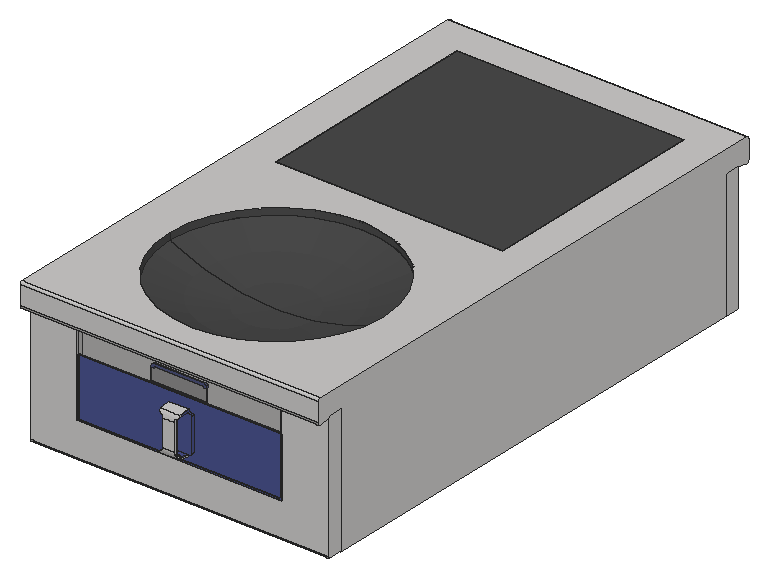
Revit family "QF_ELECTROLUXPROFESSIONAL_589042_MCIKACEOAO", category Specialty Equipment, Revit 2018
Family settings
  Round Connector Dimension = Use Diameter
  Part Type = Normal
  Work Plane-Based = No
  Always vertical = Yes
  Cut with Voids When Loaded = No
  Shared = No
  Room Calculation Point = No
Parameters
  Weight in Pounds = 55.1
  Watts = 10000 VA  # 10000 W
  Volts = 400 V  # constant formula
  URL Cutsheet = ""
  Type Mark [instance] = ""
  Status [instance] = ""
  Specification by User [instance] = ""
  Specification by Manufacturer = ""
  Serial Number = ""
  Seismic Rating = ""
  SMACNA No = ""
  Revision Code [instance] = ""
  Phase = 3  # constant formula
  Omniclass Number and Title = ""
  Number of Poles [instance] = 1
  NAFEM Spec ID Number = ""
  Model = "589042"
  Min Ckt Ampacity = 0 A
  Max Overcurrent Protection = 0 A
  Masterspec = ""
  Manufacturer = "ELECTROLUX"
  Item Number [instance] = ""
  Installed By [instance] = ""
  Identify Quantity as Lot [instance] = yes
  HP = "13.4 HP"
  Furnished By [instance] = ""
  Foodservice Equipment Identifier [instance] = yes
  FL Amps [instance] = if(Phase = 3, Watts / (Volts * 1.73), Watts / Volts)  # 14.4509 A
  Electrical Remarks = "400 V/3N ph/50/60 Hz"  # constant formula
  Electric Connection Type [instance] = ""
  Elec Conn RI Height [instance] = 0 mm
  Elec Conn Connection Height [instance] = 0 mm
  Direct Waste Size = 0"
  Description = "INDUCT.PLATE+WOK,2 ZONE,2-S,500X900X250H"
  Cycle [instance] = if([60 Hertz Option], 60 Hz, 50 Hz)  # 60 Hz
  Conn Plug = ""
  Conn Conduit = yes
  CSI MasterFormat = ""
  CSI Master Format = ""
  Apparent Power [instance] = if(Phase = 3, Volts * FL Amps * 1.73, Volts * FL Amps)  # 10000 VA
  60 Hertz Option [instance] = not([50 Hertz Option])  # yes
  50 Hertz Option [instance] = no
Reference planes
  plane 1 "BACK": y = 0
  plane 2: z = 0
  plane 3 "LEFT": x = 0
  plane 4 "RIGHT": x = 500
  plane 5 "FRONT": y = -900
  plane 6 "TOP": z = 250
  plane 7: x = 250
  plane 8: y = -450
  plane 9: x = 455
Forms (mm)
  Extrusion 1, solid, material "QF_Finishes_Stainless Steel"
    sketch origin (0, -487.128, 0) x (0, 1, 0) y (0, 0, 1)
      loop
        line (483.128, 250) -> (-408.872, 250)
        arc (-408.872, 250) -> (-411.7, 248.828) -> (-412.872, 246) r 4
        line (-412.872, 246) -> (-412.872, 214)
        arc (-412.872, 214) -> (-411.443, 210.936) -> (-408.177, 210.061) r 4
        line (-408.177, 210.061) -> (-391.509, 213) -> (-366.872, 213) -> (-366.872, 0) -> (441.128, 0) -> (441.128, 213) -> (465.765, 213) -> (482.433, 210.061)
        arc (482.433, 210.061) -> (485.699, 210.936) -> (487.128, 214) r 4
        line (487.128, 214) -> (487.128, 246)
        arc (487.128, 246) -> (485.956, 248.828) -> (483.128, 250) r 4
    from 0 to 500
  Extrusion 2, solid, material "QF_Finishes_Stainless Steel"
    sketch origin (0, -854, 0) x (1, 0, 0) y (0, -1, 0)
      loop
        circle (455, -169) r 6.35
    from 0 to 3.2
  Revolve 3, void
    sketch origin (1178.738, -675, 1219.2) x (-1, 0, 0) y (0, 0, 1)
      loop
        line (928.738, -969.2) -> (928.738, -1021.018)
        arc (928.738, -1021.018) -> (1020.986, -1010.707) -> (1108.738, -980.45) r 421.407
        line (1108.738, -980.45) -> (1108.738, -969.2) -> (928.738, -969.2)
      axis (928.738, -969.2) -> (928.738, -1021.018)
    angle from 0 to 360
  Extrusion 4, solid, material "QF_Finishes_Black"
    sketch origin (-975.299, -4572, 250) x (-1, 0, 0) y (0, -1, 0)
      loop
        line (-1035.299, -4132) -> (-1415.299, -4132) -> (-1415.299, -4512) -> (-1035.299, -4512) -> (-1035.299, -4132)
    from 0 to -25.4
  Extrusion 5, void
    sketch origin (-975.299, -4572, 250) x (-1, 0, 0) y (0, -1, 0)
      loop
        line (-1035.299, -4132) -> (-1415.299, -4132) -> (-1415.299, -4512) -> (-1035.299, -4512) -> (-1035.299, -4132)
    from 0 to -25.4
Cuts and joins
  Revolve 3, Extrusion 5 cuts Extrusion 1
Lines and regions (mm)
  symbolic lines
    curve 1: line (0, 0, 0) -> (500, 0, 0)
    curve 2: line (0, -900, 0) -> (0, 0, 0)
    curve 3: line (500, -900, 0) -> (0, -900, 0)
    curve 4: line (500, 0, 0) -> (500, -900, 0)
    curve 5: arc (70, -675, 0) -> (250, -495, 0) -> (430, -675, 0) r 180
    curve 6: arc (430, -675, 0) -> (250, -855, 0) -> (70, -675, 0) r 180
    curve 7: line (440, -60, 250) -> (60, -60, 250)
    curve 8: line (440, -440, 250) -> (440, -60, 250)
    curve 9: line (60, -440, 250) -> (440, -440, 250)
    curve 10: line (60, -60, 250) -> (60, -440, 250)
Dimensions and locks
  plane 3 "LEFT" to plane 4 "RIGHT" = 500 mm
  plane 5 "FRONT" to plane 1 "BACK" = 900 mm
  equal spacing: plane 3 "LEFT", plane 7, plane 4 "RIGHT"
  equal spacing: plane 5 "FRONT", plane 8, plane 1 "BACK"
  plane 6 "TOP" to level = 250 mm  (x2)
  plane 1 "BACK" to plane 5 "FRONT" = 900 mm
  Extrusion 2 sketch curve to plane 1 "BACK" = 685 mm
  Extrusion 2 sketch curve to plane 4 "RIGHT" = 45 mm
  plane 1 "BACK" to Extrusion 2 = 685 mm
  plane 9 to plane 4 "RIGHT" = 45 mm
  plane 5 "FRONT" to plane 8 = 450 mm
  plane 1 "BACK" to plane 8 = 450 mm
  aligned and locked: level to plane 2
Automatic sketch dimensions
  Extrusion 1 sketch curve to plane 5 "FRONT" = 0 mm
  Extrusion 1 sketch curve to plane 6 "TOP" = 0 mm
  Extrusion 1 sketch curve to level = 0 mm
  Extrusion 1 sketch curve to plane 1 "BACK" = 0 mm
  Extrusion 1 sketch curve to plane 6 "TOP" = 37 mm  (x2)
  Extrusion 1 sketch curve to plane 5 "FRONT" = 4 mm
  Extrusion 1 sketch curve to plane 5 "FRONT" = 21.363 mm
  Extrusion 1 sketch curve to Extrusion 1 sketch curve = 24.637 mm
  plane 1 "BACK" to Extrusion 1 sketch curve = 46 mm
  plane 1 "BACK" to Extrusion 1 sketch curve = 21.363 mm
  plane 1 "BACK" to Extrusion 1 sketch curve = 4 mm  (x2)
  Extrusion 1 sketch curve to Extrusion 1 sketch curve = 4 mm
  Extrusion 1 sketch curve to Extrusion 1 sketch curve = 0.695 mm
  Extrusion 1 sketch curve to Extrusion 1 sketch curve = 0 mm  (x4)
  plane 1 "BACK" to Extrusion 1 sketch curve = 4.695 mm
  Extrusion 1 sketch curve to Extrusion 1 sketch curve = 1 mm  (x2)
  plane 1 "BACK" to curve 1 = 0 mm
  curve 1 to plane 4 "RIGHT" = 0 mm
  curve 3 to plane 3 "LEFT" = 0 mm
  plane 5 "FRONT" to curve 3 = 0 mm
  curve 6 to plane 7 = 0 mm
  plane 9 to curve 6 = 25 mm
  Revolve 3 sketch curve to plane 7 = 0 mm  (x2)
  Revolve 3 sketch curve to plane 6 "TOP" = 0 mm
  Revolve 3 sketch curve to plane 6 "TOP" = 51.818 mm
  plane 3 "LEFT" to Revolve 3 sketch curve = 70 mm
  plane 7 to Revolve 3 sketch curve = 0.405 mm
  Revolve 3 sketch curve to Revolve 3 sketch curve = 11.25 mm
  Revolve 3 sketch curve to level = 215 mm
  plane 6 "TOP" to Revolve 3 sketch curve = 110 mm
  plane 9 to Extrusion 4 sketch curve = 15 mm
  plane 1 "BACK" to Extrusion 4 sketch curve = 60 mm
  plane 3 "LEFT" to Extrusion 4 sketch curve = 60 mm
  plane 8 to Extrusion 4 sketch curve = 10 mm
  plane 9 to Extrusion 5 sketch curve = 15 mm
  plane 1 "BACK" to Extrusion 5 sketch curve = 60 mm
  plane 3 "LEFT" to Extrusion 5 sketch curve = 60 mm
  plane 8 to Extrusion 5 sketch curve = 10 mm
  curve 5 to curve 6 = 0 mm
  curve 5 to plane 5 "FRONT" = 225 mm
  plane 9 to curve 8 = 15 mm
  plane 1 "BACK" to curve 8 = 60 mm
  plane 8 to curve 8 = 10 mm
  plane 3 "LEFT" to curve 9 = 60 mm
  radius of Extrusion 2 sketch curve = 6.35 mm
Nested families
  nested 1: "IW_900_500 Panel Single Centered" at (250, -854, -650), type "IW_900_500 Panel Single Centered"
  nested 2: "IW_900_500 Panel Single Centered" at (250, -46, -651.71), type "IW_900_500 Panel Single Centered"
Connectors
  electrical at (455, -685, -3.2), driven by "Volts", driven by "Watts"
    settings: on Extrusion 2, index 1, voltage 400 V, apparent load 10000 VA, apparent load phase1 0 VA, apparent load phase2 0 VA, apparent load phase3 0 VA, power factor 1, load classification "Other", number of poles 1, system type 30, power factor state 1, is connector primary yes, connector utility no, sub classification motor no, connector description "ELECTRICAL CONNECTION"
Definition of nested family "IW_900_500 Panel Single Centered"
  Reference planes
    plane 1 "Center (Front/Back)": y = 0
    plane 2: z = 0
    plane 3 "Center (Left/Right)": x = 0
  Forms (mm)
    Extrusion 1, solid
      sketch origin (833.217, 829.203, -1.25) x (0, 1, 0) y (0, 0, 1)
        loop
          arc (-854.203, 655.96) -> (-853.324, 653.839) -> (-851.203, 652.96) r 3
          line (-851.203, 652.96) -> (-829.203, 652.96) -> (-829.203, 865.96) -> (-854.203, 865.96) -> (-854.203, 655.96)
      from -1083.217 to -583.217
    Extrusion 2, void
      sketch origin (33.217, 829.203, 0.636) x (1, 0, 0) y (0, 0, 1)
        loop
          line (-205.217, 852.364) -> (-205.217, 710.364) -> (138.783, 710.364) -> (138.783, 852.364) -> (-205.217, 852.364)
      from 843.409 to 854.203
  Cuts and joins
    Extrusion 2 cuts Extrusion 1
  Lines and regions (mm)
    symbolic lines
      curve 1: line (16.108, -48.326, 0) -> (16.108, -46, 0)
      curve 2: spline (10.439, -49.73, 0) -> (10.918, -49.657, 0) -> (11.396, -49.575, 0) -> (11.873, -49.486, 0) -> (12.349, -49.389, 0) -> (12.823, -49.283, 0) -> (13.297, -49.17, 0) -> (13.769, -49.049, 0) -> (14.24, -48.92, 0) -> (14.71, -48.783, 0) -> (15.177, -48.638, 0) -> (15.643, -48.486, 0) -> (16.108, -48.326, 0)
      curve 3: line (-16.108, -48.326, 0) -> (-16.108, -46, 0)
      curve 4: spline (-16.108, -48.326, 0) -> (-15.643, -48.486, 0) -> (-15.177, -48.638, 0) -> (-14.71, -48.783, 0) -> (-14.24, -48.92, 0) -> (-13.769, -49.049, 0) -> (-13.297, -49.17, 0) -> (-12.823, -49.283, 0) -> (-12.349, -49.389, 0) -> (-11.873, -49.486, 0) -> (-11.396, -49.575, 0) -> (-10.918, -49.657, 0) -> (-10.439, -49.73, 0)
      curve 5: line (10.439, -49.73, 0) -> (-10.439, -49.73, 0)
  Dimensions and locks
    cut or joined group of Extrusion 1, Extrusion 2 to cut or joined group of Extrusion 1, Extrusion 2 = 500 mm  (x2)
    equal spacing: cut or joined group of Extrusion 1, Extrusion 2, nested 1, cut or joined group of Extrusion 1, Extrusion 2
    cut or joined group of Extrusion 1, Extrusion 2 to cut or joined group of Extrusion 1, Extrusion 2 = 213 mm
    aligned and locked: nested 1 to cut or joined group of Extrusion 1, Extrusion 2
  Automatic sketch dimensions
    curve 3 to plane 3 "Center (Left/Right)" = 16.108 mm
    plane 3 "Center (Left/Right)" to curve 5 = 10.439 mm
    plane 1 "Center (Front/Back)" to curve 5 = 49.73 mm
    curve 3 to curve 5 = 5.669 mm
    curve 5 to curve 1 = 5.669 mm
    curve 5 to curve 4 = 4.17 mm
    plane 3 "Center (Left/Right)" to curve 2 = 6.269 mm
    curve 5 to curve 1 = 1.405 mm
    curve 4 to curve 3 = 1.405 mm
    curve 2 to curve 2 = 0.302 mm
    curve 4 to curve 5 = 0.302 mm
    curve 1 to curve 1 = 2.326 mm
    curve 4 to curve 3 = 2.326 mm
    Extrusion 1 sketch curve to plane 1 "Center (Front/Back)" = 0 mm
    level to Extrusion 1 sketch curve = 651.71 mm
    Extrusion 1 sketch curve to Extrusion 1 sketch curve = 22 mm
    Extrusion 1 sketch curve to Extrusion 1 sketch curve = 3 mm
    Extrusion 1 sketch curve to Extrusion 1 sketch curve = 210 mm
    Extrusion 2 sketch curve to plane 3 "Center (Left/Right)" = 172 mm
    level to Extrusion 2 sketch curve = 711 mm
    plane 3 "Center (Left/Right)" to Extrusion 2 sketch curve = 172 mm
    Extrusion 2 sketch curve to Extrusion 2 sketch curve = 142 mm
  Nested families
    nested 1: "glass conrol panel One Right Side" at (0, 279.791, 1.886), type "glass conrol panel One Right Side"
    nested 2: "Range Control Handle" at (0, -27.043, -209.113), type "Range Control Handle"
  Definition of nested family "glass conrol panel One Right Side"
    Reference planes
      plane 1 "Center (Front/Back)": y = 0
      plane 2: z = 0
      plane 3 "Center (Left/Right)": x = 0
    Forms (mm)
      Extrusion 1, solid
        sketch origin (378.286, 0, 0.617) x (1, 0, 0) y (0, 0, 1)
          loop
            line (-550.286, 806.791) -> (-550.286, 708.497) -> (-206.286, 708.497) -> (-206.286, 806.791) -> (-550.286, 806.791)
        from 300.031 to 304.8
      Extrusion 2, solid
        sketch origin (378.286, 0, 0.617) x (1, 0, 0) y (0, 0, 1)
          loop
            line (-550.286, 850.497) -> (-550.286, 806.791) -> (-206.286, 806.791) -> (-206.286, 850.497) -> (-550.286, 850.497)
        from 300.031 to 304.8
      Extrusion 3, solid
        sketch origin (308.333, 1.101, -0.633) x (1, 0, 0) y (0, 0, 1)
          loop
            line (-261.431, 812.62) -> (-261.431, 834.177) -> (-266.24, 834.177) -> (-268.039, 835.977) -> (-348.469, 835.977) -> (-350.269, 834.177) -> (-355.186, 834.177) -> (-355.186, 812.62) -> (-261.431, 812.62)
        from 304.798 to 306.745
      Extrusion 4, solid
        sketch origin (308.333, 1.101, -0.633) x (1, 0, 0) y (0, 0, 1)
          loop
            line (-350.269, 834.177) -> (-348.469, 835.977) -> (-268.039, 835.977) -> (-266.24, 834.177) -> (-261.529, 834.177)
            arc (-261.529, 834.177) -> (-262.706, 838.752) -> (-266.98, 840.763) r 5.549
            line (-266.98, 840.763) -> (-349.686, 840.763)
            arc (-349.686, 840.763) -> (-353.942, 838.747) -> (-355.078, 834.177) r 5.5
            line (-355.078, 834.177) -> (-350.269, 834.177)
        from 304.798 to 306.745
      Extrusion 5, void
        sketch origin (378.286, 0, 0.617) x (1, 0, 0) y (0, 0, 1)
          loop
            line (-547.628, 847.565) -> (-547.628, 710.699) -> (-209.196, 710.699) -> (-209.196, 847.565) -> (-547.628, 847.565)
        from 303.697 to 304.8
    Cuts and joins
      Extrusion 5 cuts Extrusion 2
      Extrusion 5 cuts Extrusion 1
    Dimensions and locks
      aligned and locked: Extrusion 1 to Extrusion 2
      aligned and locked: Extrusion 4 sketch curve to Extrusion 3  (x4)
      aligned and locked: Extrusion 3 to Extrusion 4 sketch curve
      aligned and locked: Extrusion 4 to Extrusion 3
  Definition of nested family "Range Control Handle"
    Reference planes
      plane 1 "Center (Front/Back)": y = 0
      plane 2: z = 0
      plane 3 "Center (Left/Right)": x = 0
      plane 4: z = 971.092
    Forms (mm)
      Extrusion 1, solid
        sketch origin (-746.28, 380.497, 208.931) x (-1, 0, 0) y (0, 0, 1)
          loop
            line (-770.101, 786.798) -> (-770.101, 731.649)
            arc (-770.101, 731.649) -> (-769.759, 730.563) -> (-768.855, 729.87) r 1.893
            line (-768.855, 729.87) -> (-763.474, 727.911) -> (-729.81, 727.911) -> (-724.428, 729.87)
            arc (-724.428, 729.87) -> (-723.525, 730.563) -> (-723.183, 731.649) r 1.893
            line (-723.183, 731.649) -> (-723.183, 786.798)
            arc (-723.183, 786.798) -> (-723.529, 787.894) -> (-724.44, 788.593) r 1.91
            line (-724.44, 788.593) -> (-729.683, 790.819) -> (-763.601, 790.819) -> (-768.844, 788.593)
            arc (-768.844, 788.593) -> (-769.755, 787.894) -> (-770.101, 786.798) r 1.91
        from -382.35 to -378.852
      Sweep 2, solid
        path origin (-746.788, 380.496, 208.091) x (0, -1, 0) y (0, 0, 1)
          loop
            line (379.775, 793.281) -> (395.661, 791.048)
            arc (395.661, 791.048) -> (397.781, 787.377) -> (398.517, 783.202) r 12.207
            line (398.517, 783.202) -> (398.517, 737.368)
            arc (398.517, 737.368) -> (397.781, 733.193) -> (395.661, 729.522) r 12.207
            line (395.661, 729.522) -> (379.775, 727.289)
        profile origin (-746.788, -7.222, 1000.256) x (0, -0.139173, 0.990268) y (-1, 0, 0)
          loop
            line (0.782, -763.123) -> (0.782, -730.907) -> (-1.322, -730.907) -> (-1.322, -763.123) -> (0.782, -763.123)
      Sweep 3, solid
        path origin (-746.788, 380.715, 207.832) x (0, -1, 0) y (0, 0, 1)
          loop
            line (380.478, 795.442) -> (397.218, 793.09)
            arc (397.218, 793.09) -> (399.929, 788.473) -> (400.871, 783.202) r 15.207
            line (400.871, 783.202) -> (400.871, 737.584)
            arc (400.871, 737.584) -> (399.914, 732.274) -> (397.164, 727.633) r 15.207
            line (397.164, 727.633) -> (380.601, 725.305)
        profile origin (-746.788, -8.132, 1002.099) x (0, -0.139173, 0.990268) y (-1, 0, 0)
          loop
            line (0.782, -763.123) -> (0.782, -730.907) -> (-1.322, -730.907) -> (-1.322, -763.123) -> (0.782, -763.123)
      Extrusion 4, void
        sketch origin (889.253, 220.666, 207.993) x (1, 0, 0) y (0, 0, 1)
          loop
            line (-943.038, 816.854) -> (-943.038, 703.686) -> (-899.466, 734.196) -> (-899.466, 786.344) -> (-943.038, 816.854)
        from 230.636 to 242.25
      Extrusion 5, void
        sketch origin (-888.8, 220.666, 207.993) x (-1, 0, 0) y (0, 0, -1)
          loop
            line (-943.038, -816.854) -> (-899.466, -786.344) -> (-899.466, -734.196) -> (-943.038, -703.686) -> (-943.038, -816.854)
        from 230.636 to 242.25
      Extrusion 6, solid
        sketch origin (0, 0, 0) x (1, 0, 0) y (0, 0, 1)
          loop
            circle (0, 971.092) r 7.736
        from -3.137 to -1.645
    Cuts and joins
      Extrusion 4, Extrusion 5 cuts Sweep 3
      Extrusion 4, Extrusion 5 cuts Sweep 2
      joined: Extrusion 1, Extrusion 6
    Lines and regions (mm)
      symbolic lines
        curve 1: line (23.821, 1.645, 0) -> (-23.097, 1.645, 0)
        curve 2: line (16.334, -1.853, 0) -> (23.821, -1.853, 0)
        curve 3: line (-15.881, -19.189, 0) -> (-15.881, -1.853, 0)
        curve 4: line (-23.097, -1.853, 0) -> (-15.881, -1.853, 0)
        curve 5: line (16.334, -19.189, 0) -> (16.334, -1.853, 0)
        curve 6: spline (-15.881, -19.189, 0) -> (-15.417, -19.349, 0) -> (-14.951, -19.501, 0) -> (-14.483, -19.646, 0) -> (-14.014, -19.783, 0) -> (-13.543, -19.912, 0) -> (-13.071, -20.033, 0) -> (-12.597, -20.146, 0) -> (-12.122, -20.251, 0) -> (-11.646, -20.349, 0) -> (-11.169, -20.438, 0) -> (-10.691, -20.52, 0) -> (-10.213, -20.593, 0)
        curve 7: spline (10.666, -20.593, 0) -> (11.144, -20.52, 0) -> (11.622, -20.438, 0) -> (12.099, -20.349, 0) -> (12.575, -20.251, 0) -> (13.05, -20.146, 0) -> (13.524, -20.033, 0) -> (13.996, -19.912, 0) -> (14.467, -19.783, 0) -> (14.936, -19.646, 0) -> (15.404, -19.501, 0) -> (15.87, -19.349, 0) -> (16.334, -19.189, 0)
        curve 8: line (-10.213, -20.938, 0) -> (10.716, -20.938, 0)
        curve 9: line (-23.097, 1.645, 0) -> (-23.097, -1.853, 0)
        curve 10: line (23.821, 1.645, 0) -> (23.821, -1.853, 0)
